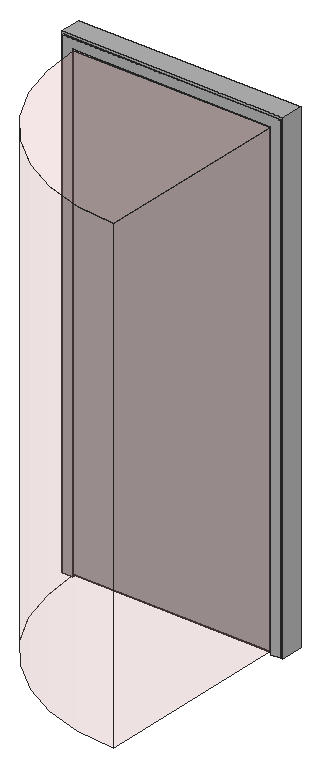
Revit family "ASSA ABLOY - ALPE PLUS Sp 60-1, single-leaf, block frame, HIDDEN HINGES", category Doors, host Wall, Revit 2021
Family settings
  Host = Wall
  OmniClass Number = 23.30.10.00
  OmniClass Title = Doors
  Always vertical = Yes
  Cut with Voids When Loaded = No
  Shared = No
  Room Calculation Point = No
Parameters (values of type "800 x 2100 (802 x 2108)")
  URL = "https://www.assaabloy.com/pl/pl"
  Type Comments = "Door leaf made of two pressed galvanised steel sheets 1,25mm thick, reinforced with steel profile. Filled with mineral wool glued to the sheets with polyurethane adhesive. Non-rebated door."
  Symbol Radius = Door Leaf Width + 1.250 mm  # 883.250 mm
  Rough Width Real = Width Round + Rough Width Conversion + Rough Width Adjustment  # 998.000 mm
  Rough Width Conversion = 198.000 mm  # constant formula
  Rough Width Adjustment = 0.000 mm  # constant formula
  Rough Height Real = Height Round + Rough Height Conversion + Rough Height Adjustment  # 2182.000 mm
  Rough Height Conversion = 82.000 mm  # constant formula
  Rough Height Adjustment = 0.000 mm  # constant formula
  Recess Value [instance] = 14.000 mm
  Opening Zone [instance] = yes
  Model = "Doorset_Single-leaf non-rebated door with concealed hinges/ Wireless Access Control_ASSA ABLOY Opening Solutions_Hardware 3D"
  HW Item 8 = "1x SMARTair: Access Control Software_ASSA ABLOY "
  Frame Finish [instance] = ""
  Fire Rating NFR (0) = [Fire Rating - Set Value (0-2)] = 0  # yes
  Fire Rating EI60 (2) = [Fire Rating - Set Value (0-2)] = 2  # no
  Fire Rating EI30 (1) = [Fire Rating - Set Value (0-2)] = 1  # no
  Fire Rating - Set Value (0-2) = 0
  Fire Rating = if([Fire Rating NFR (0)], "NFR", if([Fire Rating EI30 (1)], "EI30", if([Fire Rating EI60 (2)], "EI60", "0")))  # "NFR"
  Width Round = roundup((Width / 5.000 mm)) * 5.000 mm  # 800.000 mm
  Thickness = 60.000 mm  # constant formula
  Smoke Rating = "Sa, S200 (optional)"
  Rough Width = Width Round + 2.000 mm + Rough Width Conversion + Rough Width Adjustment  # 1000.000 mm
  Rough Height = Height Round + 8.000 mm + Rough Height Conversion + Rough Height Adjustment  # 2190.000 mm
  Readme = "The actual lintel height is consistent with the Rough Height parameter.\nThe final HW Set should be consistent with the function of the door and its  parameters.\nHardware mounted on door surface may affect the clear passage opening. For verification, please contact the specification department."
  Provider = "ASSA ABLOY Opening Solutions"
  Product Group = "Single-Steel-Non rebated-Access Control"
  Name = "Steel non-rebated door with concealed hinges/ Wireless Access Control"
  Min Door Width = 520.000 mm
  Min Door Height = 1640.000 mm
  Mechanical Strength = 4
  Max Door Width = 1160.000 mm
  Max Door Height = 2400.000 mm
  Manufacturer = "ASSA ABLOY"  # constant formula
  IfcExportType = "USERDEFINED"
  IfcExportAs = "IfcDoorType"
  Height Round = roundup((Height / 5.000 mm)) * 5.000 mm  # 2100.000 mm
  Hardware Set = "1.18PL"
  HW Item 7 = "1x 206253: Vercy door stopper, max 120 kg_ASSA ABLOY (option) "
  HW Item 6 = "1x SK6 Radius: euro profile cylinder_IKON"
  HW Item 5 = "1x TESA SMARTair® long plate, PZPZ: WIRELESS, built-in RFID reader (pinpad in option) and Bluetooth module, SENA handle_TESA"
  HW Item 4 = "1x EL160: mechanical mortice lockcase with automatic dead locking system_ABLOY"
  HW Item 3 = "1x A153: Mechanical opening damper_ASSA ABLOY (option)"
  HW Item 2 = "1x G195: Door closer guide rail_ASSA ABLOY"
  HW Item 1 = "1x DC700/ DC500: Door closer, Cam-Motion®_ASSA ABLOY"
  Function = Interior
  Height = 2100.000 mm
  Wall Closure = By host
  Width = 800.000 mm
  Frame Type = "Welded steel block frame, made of galvanised sheet 1,8mm thick."
  Frame Material = Default steel
  Family name = "1.18_DOORSET_ALPE PLUS Sp 60-1_SINGLE-LEAF_BLOCK FRAME_ASSA ABLOY PL"
  Environmental Product Declaration (EPD) = "To be confirmed with Provider"  # constant formula
  Environmental Management System = "To be confirmed with Provider"  # constant formula
  Edition number = "1"
  Door Type = "ALPE PLUS Sp 60-1"
  Door Material = Default steel
  Door Leaf Width = Width Round + 82.000 mm + Rough Width Adjustment  # 882.000 mm
  Door Finish Push Side [instance] = ""
  Door Finish Pull Side [instance] = ""
  Description = "ALPE PLUS Sp 60-1, door leaf made of two pressed galvanised steel sheets 1,25mm thick, reinforced with steel profile. Filled with mineral wool glued to the sheets with polyurethane adhesive. Non-rebated door. Stainless steel concealed hinges TECTUS TE540 3D with 3D regulation. Mechanical durability – class C3 according to PN-EN 16034:2014. Mechanical strength – class 4 according to PN-EN 1192:2001. Welded steel block frame, made of galvanised sheet 1,8mm thick."
  Date of publishing = ""
  Contact Provider = "https://www.assaabloy.com/pl/pl/solutions/topics/bim-specification/contact"
  Brand = "ASSA ABLOY Mercor Doors Sp. z o. o."  # constant formula
  Author = "www.archispace.pl"
Types (5, lengths in mm): name | Symbol Radius | Rough Width Real | Rough Height Real | Width Round | Rough Width | Rough Height | Height Round | Height | Width | Door Leaf Width
  520 x 1640 (522 x 1648) | 603.250 | 718.000 | 1722.000 | 520.000 | 720.000 | 1730.000 | 1640.000 | 1640.000 | 520.000 | 602.000
  800 x 2100 (802 x 2108) | 883.250 | 998.000 | 2182.000 | 800.000 | 1000.000 | 2190.000 | 2100.000 | 2100.000 | 800.000 | 882.000
  900 x 2100 (902 x 2108) | 983.250 | 1098.000 | 2182.000 | 900.000 | 1100.000 | 2190.000 | 2100.000 | 2100.000 | 900.000 | 982.000
  1000 x 2100 (1002 x 2108) | 1083.250 | 1198.000 | 2182.000 | 1000.000 | 1200.000 | 2190.000 | 2100.000 | 2100.000 | 1000.000 | 1082.000
  1160 x 2400 (1162 x 2408) | 1243.250 | 1358.000 | 2482.000 | 1160.000 | 1360.000 | 2490.000 | 2400.000 | 2400.000 | 1160.000 | 1242.000
Reference planes
  plane 1: y = 0
  plane 2 "Center (Left/Right)": x = 0
  plane 3: z = 2190
  plane 4 "Exterior": y = 120
  plane 5 "Interior": y = -120
  plane 6: x = -499
  plane 7: x = 499
  plane 8: z = 2100
  plane 9: x = -440
  plane 10: x = 442
  plane 11: z = 2125
  plane 12: z = 8
  plane 13: y = -109.4
  plane 14: x = 443.25
  plane 15: x = -500
  plane 16: x = 500
  plane 17: x = -417
  plane 18: x = 417
  plane 19: z = 2182
  plane 20: y = -106
  plane 21: y = -109.4
  plane 22: y = -44.4
  plane 23: y = -33.4
  plane 24: y = -5.4
  plane 25: y = -8.8
Forms (mm)
  Sweep 1, solid, material "Default steel" <- "Frame Material"
    path origin (-489, -106, 1200) x (1, 0, 0) y (0, 0, 1)
      loop
        line (-10, -1200) -> (-10, 982) -> (988, 982) -> (988, -1200)
    profile origin (-499, -106, 1091) x (-1, 0, 0) y (0, -1, 0)
      loop
        line (0, 0) -> (-10, 0) -> (-10, 3.4) -> (-52, 3.4) -> (-52, -61.6) -> (-61.5, -61.6) -> (-61.5, -72.6) -> (-76.5, -72.6) -> (-76.5, -61.6) -> (-82, -61.6) -> (-82, -100.6) -> (-10, -100.6) -> (-10, -97.2) -> (0, -97.2) -> (0, 0)
  Sweep 2, solid, material "Default steel" <- "Door Material"
    path origin (-489, -106, 1200) x (1, 0, 0) y (0, 0, 1)
      loop
        line (489, -1192) -> (489, 925)
    profile origin (0, -106, 1066.5) x (-1, 0, 0) y (0, -1, 0)
      loop
        line (440, -59.1) -> (440, 2.9) -> (-442, 2.9) -> (-442, -59.1) -> (440, -59.1)
  Sweep 3, solid, material "Opening zone", visible <- "Opening Zone"
    path origin (-5000, 0, 0) x (-1, 0, 0) y (0, 0, 1)
      loop
        line (-5000, 8) -> (-5000, 2125)
    profile origin (0, 0, 1066.5) x (1, 0, 0) y (0, 1, 0)
      loop
        line (443.25, -109.4) -> (-440, -109.4)
        arc (-440, -109.4) -> (-181.302, -733.952) -> (443.25, -992.65) r 883.25
        line (443.25, -992.65) -> (443.25, -109.4)
  Sweep 4, solid, material "Default steel" <- "Door Material"
    path origin (-489, -106, 1200) x (1, 0, 0) y (0, 0, 1)
      loop
        line (49, -1192) -> (49, 925) -> (931, 925) -> (931, -1192)
    profile origin (1, -106, 2125) x (0, 0, 1) y (0, -1, 0)
      loop
        line (-4, -17.85) -> (-14, -17.85) -> (-14, -38.35) -> (-4, -38.35) -> (-4, -17.85)
  Sweep 5, void
    path origin (-489, -106, 1200) x (1, 0, 0) y (0, 0, 1)
      loop
        line (49, -1192) -> (49, 925) -> (931, 925) -> (931, -1192)
    profile origin (1, -106, 2125) x (0, 0, 1) y (0, -1, 0)
      loop
        line (0, -17.85) -> (-14, -17.85) -> (-14, -38.35) -> (0, -38.35) -> (0, -17.85)
Cuts and joins
  Sweep 5 cuts Sweep 2
Lines and regions (mm)
  Masking region 1, detail levels fine
    outline origin (-1177.682, -289.4, 2052) x (-1, 0, 0) y (0, -1, 0)
      loop
        line (-678.682, -183.4) -> (-688.682, -183.4) -> (-688.682, -180) -> (-730.682, -180) -> (-730.682, -245) -> (-740.182, -245) -> (-740.182, -256) -> (-755.182, -256) -> (-755.182, -245) -> (-760.682, -245) -> (-760.682, -284) -> (-688.682, -284) -> (-688.682, -280.6) -> (-678.682, -280.6) -> (-678.682, -183.4)
      loop
        line (-1676.682, -183.4) -> (-1676.682, -280.6) -> (-1666.682, -280.6) -> (-1666.682, -284) -> (-1594.682, -284) -> (-1594.682, -245) -> (-1600.182, -245) -> (-1600.182, -256) -> (-1615.182, -256) -> (-1615.182, -245) -> (-1624.682, -245) -> (-1624.682, -180) -> (-1666.682, -180) -> (-1666.682, -183.4) -> (-1676.682, -183.4)
  Masking region 2, detail levels medium
    outline origin (-1132.682, -300, 2052) x (-1, 0, 0) y (0, -1, 0)
      loop
        line (-633.682, -294.6) -> (-633.682, -190.6) -> (-715.682, -190.6) -> (-715.682, -294.6) -> (-633.682, -294.6)
      loop
        line (-1631.682, -294.6) -> (-1549.682, -294.6) -> (-1549.682, -190.6) -> (-1631.682, -190.6) -> (-1631.682, -294.6)
  Opening 1
    outline origin (-5000, -120, 0) x (1, 0, 0) y (0, 0, 1)
      loop
        line (4500, 2190) -> (4500, 0) -> (5500, 0) -> (5500, 2190) -> (4500, 2190)
  symbolic lines, style "Elevation Swing"
    curve 1: line (-417, -120, 1095) -> (417, -120, 2100)
    curve 2: line (-417, -120, 1095) -> (417, -120, 8)
Text (mm)
  text "Exterior" at (-1376.75, 1099.543, 0), in view "Ref. Level"
  text "Exterior" at (0, 1615.38, 3698.081), in view "Left"
  text "Exterior" at (0, 1036.032, 3874.932), in view "Right"
Dimensions and locks
  "Rough Height": plane 3 to host wall
  equal spacing: host wall, curve 2, plane 3
  host wall to plane 3 = 2190.000 mm
  locked: plane 4 "Exterior" to host wall
  locked: plane 5 "Interior" to host wall
  equal spacing: plane 6, plane 2 "Center (Left/Right)", plane 7
  "Rough Width Real": plane 6 to plane 7
  "Height": plane 8 to level
  locked: plane 10 to plane 7 at 57
  locked: plane 12 to level at 8
  equal spacing: plane 16, plane 2 "Center (Left/Right)", plane 15
  "Rough Width": plane 16 to plane 15
  locked: plane 6 to plane 9 at 59
  locked: plane 6 to plane 17 at 82
  locked: plane 18 to plane 7 at 82
  "Rough Height Real": plane 19 to level
  plane 19 to plane 11 = 57.000 mm
  locked: plane 14 to plane 7 at 55.75
  "Recess Value": plane 5 "Interior" to plane 20
  locked: plane 20 to plane 13 at 3.4
  locked: plane 21 to plane 20 at 3.4
  locked: plane 20 to plane 22 at 61.6
  locked: plane 23 to plane 22 at 11
  locked: plane 25 to plane 23 at 24.6
  locked: plane 24 to plane 25 at 3.4
  locked: Masking region 1 sketch curve to plane 7 at 10  (x2)
  locked: Masking region 1 sketch curve to plane 7 at 52
  locked: Masking region 1 sketch curve to plane 7 at 61.5
  locked: Masking region 1 sketch curve to plane 7 at 76.5
  locked: Masking region 1 sketch curve to plane 7 at 82
  locked: plane 6 to Masking region 1 sketch curve at 10  (x2)
  locked: plane 6 to Masking region 1 sketch curve at 52
  locked: plane 6 to Masking region 1 sketch curve at 61.5
  locked: plane 6 to Masking region 1 sketch curve at 76.5
  locked: plane 6 to Masking region 1 sketch curve at 82
  locked: plane 6 to Masking region 2 sketch curve at 82
  locked: Masking region 2 sketch curve to plane 7 at 82
  locked: plane 11 to Sweep 5 sketch curve at 14
  "Symbol Radius": radius of Sweep 3 sketch curve
  aligned and locked: plane 1 to host wall
  aligned and locked: level to Sweep 1 sketch curve  (x2)
  aligned and locked: Sweep 1 sketch curve to plane 6
  aligned and locked: plane 7 to Sweep 1 sketch curve
  aligned and locked: plane 2 "Center (Left/Right)" to Sweep 2 sketch curve
  aligned and locked: nested 1 to plane 2 "Center (Left/Right)"
  aligned and locked: plane 2 "Center (Left/Right)" to Sweep 3 sketch curve
  aligned and locked: plane 11 to Sweep 2 sketch curve
  aligned and locked: plane 10 to Sweep 2 sketch curve
  aligned and locked: plane 9 to Sweep 2 sketch curve
  aligned and locked: plane 13 to Sweep 3 sketch curve
  aligned and locked: Sweep 3 sketch curve to plane 14
  aligned and locked: level to Opening 1 sketch curve
  aligned and locked: plane 3 to Opening 1 sketch curve
  aligned and locked: plane 15 to Opening 1 sketch curve
  aligned and locked: Opening 1 sketch curve to plane 16
  aligned and locked: Sweep 1 sketch curve to plane 19
  aligned and locked: plane 12 to Sweep 2 sketch curve
  aligned and locked: plane 24 to Masking region 1 sketch curve
  aligned and locked: Masking region 1 sketch curve to plane 25
  aligned and locked: Masking region 1 sketch curve to plane 23
  aligned and locked: Masking region 1 sketch curve to plane 22  (x2)
  aligned and locked: Masking region 1 sketch curve to plane 21
  aligned and locked: plane 20 to Masking region 1 sketch curve
  aligned and locked: Masking region 1 sketch curve to plane 20
  aligned and locked: plane 21 to Masking region 1 sketch curve
  aligned and locked: plane 22 to Masking region 1 sketch curve  (x2)
  aligned and locked: plane 23 to Masking region 1 sketch curve
  aligned and locked: plane 25 to Masking region 1 sketch curve
  aligned and locked: Masking region 1 sketch curve to plane 24
  aligned and locked: plane 6 to Masking region 1 sketch curve
  aligned and locked: plane 7 to Masking region 1 sketch curve
  aligned and locked: Masking region 2 sketch curve to plane 24
  aligned and locked: plane 21 to Masking region 2 sketch curve
  aligned and locked: Masking region 2 sketch curve to plane 6
  aligned and locked: Masking region 2 sketch curve to plane 7
  aligned and locked: Masking region 2 sketch curve to plane 21
  aligned and locked: plane 24 to Masking region 2 sketch curve
  aligned and locked: plane 20 to nested 1
  aligned and locked: Sweep 4 sketch curve to plane 11
  aligned and locked: Sweep 4 sketch curve to plane 9
  aligned and locked: plane 10 to Sweep 4 sketch curve
  aligned and locked: plane 12 to Sweep 4 sketch curve  (x2)
  aligned and locked: Sweep 5 sketch curve to plane 11
  aligned and locked: plane 11 to Sweep 3 sketch curve
  aligned and locked: plane 12 to Sweep 3 sketch curve
  aligned and locked: level to Sweep 1
  aligned and locked: plane 12 to curve 2
  aligned and locked: plane 17 to curve 2
  aligned and locked: plane 18 to curve 1
  aligned and locked: plane 8 to curve 1
  aligned and locked: plane 18 to curve 2
Automatic sketch dimensions
  profile plane to Sweep 1 sketch curve = 0.000 mm
  Sweep 1 sketch curve to profile plane = 0.000 mm
  profile plane to Sweep 1 sketch curve = 10.000 mm  (x2)
  profile plane to Sweep 1 sketch curve = 3.400 mm
  Sweep 1 sketch curve to Sweep 1 sketch curve = 42.000 mm
  Sweep 1 sketch curve to Sweep 1 sketch curve = 9.500 mm
  Sweep 1 sketch curve to Sweep 1 sketch curve = 15.000 mm
  Sweep 1 sketch curve to Sweep 1 sketch curve = 5.500 mm
  Sweep 1 sketch curve to profile plane = 61.600 mm
  Sweep 1 sketch curve to Sweep 1 sketch curve = 0.000 mm
  Sweep 1 sketch curve to Sweep 1 sketch curve = 11.000 mm
  Sweep 1 sketch curve to Sweep 1 sketch curve = 35.600 mm
  Sweep 1 sketch curve to Sweep 1 sketch curve = 28.000 mm
  Sweep 2 sketch curve to profile plane = 59.100 mm
  profile plane to Sweep 2 sketch curve = 2.900 mm
  profile plane to Sweep 4 sketch curve = 14.000 mm
  profile plane to Sweep 4 sketch curve = 4.000 mm
  Sweep 4 sketch curve to plane 20 = 38.350 mm
  Sweep 4 sketch curve to plane 20 = 17.850 mm
  Sweep 5 sketch curve to plane 20 = 38.350 mm
  Sweep 5 sketch curve to plane 20 = 17.850 mm
  Sweep 5 sketch curve to plane 9 = 0.000 mm
  plane 10 to Sweep 5 sketch curve = 0.000 mm
  Sweep 5 sketch curve to plane 12 = 0.000 mm  (x2)
  Sweep 5 sketch curve to plane 11 = 0.000 mm
Nested families
  nested 1: "Detail_Door symbol" at (0, -106, 2052), type "Detail_Door symbol"
Definition of nested family "Detail_Door symbol"
  Parameters (values of type "Detail_Door symbol")
    Symbol Radius = 885.500 mm
    Rough Width = 918.250 mm
    Door Leaf Width = 888.100 mm
  Reference planes
    plane 1 "Center (Front/Back)": y = 0
    plane 2: z = 0
    plane 3 "Center (Left/Right)": x = 0
    plane 4: x = -459.125
    plane 5: x = 459.125
    plane 6: y = -3.4
    plane 7: x = 403.375
    plane 8: x = 405.125
    plane 9: x = 343.125
    plane 10: y = -4.65
    plane 11: y = -892.75
    plane 12: y = -888.75
    plane 13: y = -878.75
    plane 14: y = -18.65
    plane 15: y = -8.65
    plane 16: x = 363.875
    plane 17: x = 384.375
  Lines and regions (mm)
    Filled region 1, type "Solid Fill - White", in view "Ref. Level", detail levels medium
      outline origin (-88.5, 43.059, 0) x (0, 1, 0) y (-1, 0, 0)
        loop
          line (-47.709, -493.625) -> (-47.709, -431.625) -> (-935.809, -431.625) -> (-935.809, -493.625) -> (-47.709, -493.625)
    Filled region 2, type "Solid Fill - White", in view "Ref. Level", detail levels fine
      outline origin (-88.5, 43.059, 0) x (0, 1, 0) y (-1, 0, 0)
        loop
          line (-47.709, -493.625) -> (-47.709, -472.875) -> (-61.709, -472.875) -> (-61.709, -452.375) -> (-47.709, -452.375) -> (-47.709, -431.625) -> (-935.809, -431.625) -> (-935.809, -452.375) -> (-921.809, -452.375) -> (-921.809, -472.875) -> (-935.809, -472.875) -> (-935.809, -493.625) -> (-47.709, -493.625)
    Filled region 3, type "Solid Fill - White", in view "Ref. Level", detail levels fine
      outline origin (-88.5, 43.059, 0) x (0, 1, 0) y (-1, 0, 0)
        loop
          line (-931.809, -452.375) -> (-931.809, -472.875) -> (-921.809, -472.875) -> (-921.809, -452.375) -> (-931.809, -452.375)
        loop
          line (-51.709, -452.375) -> (-61.709, -452.375) -> (-61.709, -472.875) -> (-51.709, -472.875) -> (-51.709, -452.375)
    detail lines, in view "Ref. Level"
      curve 1: arc (403.375, -888.9, 0) -> (-222.768, -629.543, 0) -> (-482.125, -3.4, 0) r 885.5
    detail lines, in view "Ref. Level", detail levels coarse
      curve 2: line (403.375, -888.9, 0) -> (403.375, -3.4, 0)
  Dimensions and locks
    equal spacing: plane 4, plane 3 "Center (Left/Right)", plane 5
    "Rough Width": plane 4 to plane 5
    locked: plane 6 to plane 1 "Center (Front/Back)" at 3.4
    locked: plane 10 to plane 1 "Center (Front/Back)" at 4.65
    "Door Leaf Width": plane 10 to plane 11
    locked: plane 7 to plane 5 at 55.75
    locked: plane 8 to plane 5 at 54
    locked: plane 9 to plane 8 at 62
    locked: plane 10 to plane 14 at 14
    locked: plane 15 to plane 14 at 10
    locked: plane 13 to plane 11 at 14
    locked: plane 13 to plane 12 at 10
    locked: plane 9 to plane 16 at 20.75
    locked: plane 17 to plane 8 at 20.75
    "Symbol Radius": radius of curve 1
    aligned and locked: plane 6 to curve 1
    aligned and locked: plane 10 to Filled region 1 sketch curve
    aligned and locked: Filled region 1 sketch curve to plane 8
    aligned and locked: Filled region 1 sketch curve to plane 9
    aligned and locked: Filled region 1 sketch curve to plane 11
    aligned and locked: plane 6 to curve 2
    aligned and locked: curve 2 to plane 7
    aligned and locked: Filled region 2 sketch curve to plane 14
    aligned and locked: Filled region 2 sketch curve to plane 16
    aligned and locked: Filled region 2 sketch curve to plane 17
    aligned and locked: plane 16 to Filled region 2 sketch curve
    aligned and locked: Filled region 2 sketch curve to plane 13
    aligned and locked: plane 17 to Filled region 2 sketch curve
    aligned and locked: plane 16 to Filled region 3 sketch curve
    aligned and locked: Filled region 3 sketch curve to plane 13
    aligned and locked: plane 17 to Filled region 3 sketch curve
    aligned and locked: Filled region 3 sketch curve to plane 12
    aligned and locked: Filled region 3 sketch curve to plane 15
    aligned and locked: Filled region 3 sketch curve to plane 14
    aligned and locked: Filled region 3 sketch curve to plane 16
    aligned and locked: Filled region 3 sketch curve to plane 17
  Automatic sketch dimensions
    Filled region 2 sketch curve to plane 8 = 0.000 mm
    plane 11 to Filled region 2 sketch curve = 0.000 mm
    Filled region 2 sketch curve to plane 11 = 0.000 mm
    Filled region 2 sketch curve to plane 10 = 0.000 mm  (x2)
    Filled region 2 sketch curve to plane 9 = 0.000 mm
    curve 1 to plane 7 = 0.000 mm
